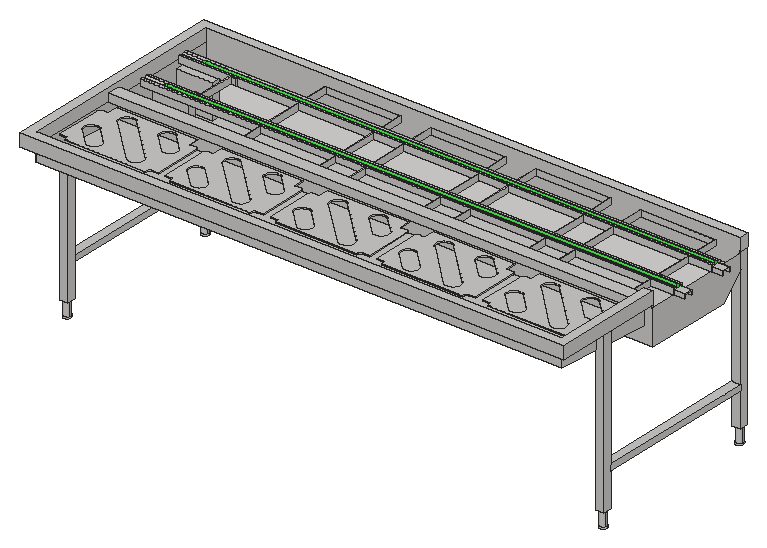
Revit family "QF_ELECTROLUXPROFESSIONAL_865471_HSAS5LR", category Specialty Equipment, Revit 2018
Family settings
  Round Connector Dimension = Use Diameter
  Part Type = Normal
  Work Plane-Based = No
  Always vertical = Yes
  Cut with Voids When Loaded = No
  Shared = No
  Room Calculation Point = No
Parameters (values of type "QF_ELECTROLUX_865471_HSAS5LR")
  Weight = 75.00 kg
  Watts = 0 W
  Volts = 0 V
  URL Manufacturer = "http://professional.electrolux.com"
  URL = "http://professional.electrolux.com"
  Steam Supply Size = 0 mm
  Steam Supply Minimum Pressure = 0.0 Pa
  Steam Supply Maximum Pressure = 0.0 Pa
  Steam Pounds per Hour = 0
  Refrigeration Suction Line Size = 0 mm
  Refrigeration Liquid Line Size = 0 mm
  Refrigerant Compressor Remote = yes
  Manufacturer = "Electrolux"
  Phase = 0
  Model = "HSAS5LR"
  Length Actual = 2640 mm  # constant formula
  Item Number = "865471"
  Hot Water Size = 0 mm
  Height Actual = 910 mm  # constant formula
  HP = "0 HP"
  Gas Size = 0 mm
  Gas KW = 0
  Gas Input Pressure = 0 W
  Description = "AUTOMATIC SORTING TABLE, 5 BASKETS, LEFT>RIGHT, 2640 MM"
  Depth Actual = 1110 mm  # constant formula
  Cycle = 0 Hz
  Condensate Return Size = 0 mm
  Compressed Air Volume = 0.0 L/s
  Compressed Air Size = 0 mm
  Compressed Air Pressure = 0.0 Pa
  Cold Water Size = 0 mm
  Accessory = yes
Reference planes
  plane 1: z = 0
  plane 2 "RIGHT": x = 1320
  plane 3: z = 910
  plane 4: z = 0
  plane 5: z = 270
  plane 6 "BACK": y = 310
  plane 7 "FRONT": y = -810
  plane 8 "LEFT": x = -1320
  plane 9 "Center": y = 0
  plane 10: x = 0
  plane 11: y = 0
  plane 12: y = 94.393
  plane 13: y = 134.393
Forms (mm)
  Extrusion 1, solid, material "QF_Finishes_Stainless Steel"
    sketch origin (0, 0, 0) x (-1, 0, 0) y (0, -1, 0)
      loop
        line (1320, 810) -> (-1320, 810) -> (-1320, 265) -> (-1275, 265) -> (-1275, 764.81) -> (1275, 764.81) -> (1275, -265) -> (-1320, -265) -> (-1320, -310) -> (1320, -310) -> (1320, 810)
    from 850.091 to 910
  Extrusion 2, solid, material "QF_Finishes_Stainless Steel"
    sketch origin (0, 0, 0) x (0, 1, 0) y (0, 0, -1)
      loop
        line (-267.466, -666.943) -> (-267.466, -850.091) -> (-265, -850.091) -> (-265, -669.943) -> (161.279, -669.943) -> (265, -775.136) -> (265, -850.091) -> (266.249, -850.091) -> (266.249, -772.13) -> (162.534, -666.943) -> (-267.466, -666.943)
    from -1317.022 to 1275
  Revolve 3, solid, material "QF_Finishes_Stainless Steel"
    sketch origin (0, 0.526, -194.395) x (-1, 0, 0) y (0, 0, -1)
      loop
        line (76.494, -861.337) -> (76.494, -847.59)
        arc (76.494, -847.59) -> (75.89, -845.987) -> (74.39, -845.16) r 2.474
        arc (74.39, -845.16) -> (71.083, -841.301) -> (74.377, -837.43) r 3.913
        arc (74.377, -837.43) -> (75.887, -836.598) -> (76.494, -834.985) r 2.49
        line (76.494, -834.985) -> (76.494, -794.661)
        arc (76.494, -794.661) -> (65.844, -763.962) -> (38.457, -746.476) r 49.516
        line (38.457, -746.476) -> (38.457, -743.987) -> (37.25, -742.336) -> (37.25, -740.749) -> (23.47, -734.749) -> (23.47, -698.838) -> (21.946, -697.377) -> (0, -697.377) -> (0, -861.337) -> (76.494, -861.337)
      axis (0, -861.337) -> (0, -697.377)
    angle from 0 to 360
  Extrusion 4, solid, material "QF_Finishes_Stainless Steel"
    sketch origin (0, 0, 0) x (-1, 0, 0) y (0, -1, 0)
      loop
        line (-1275, 330.124) -> (-1275, 265) -> (1275, 265) -> (1275, 330.124) -> (-1275, 330.124)
    from 850.091 to 888.506
  Extrusion 5, solid, material "QF_Finishes_Stainless Steel"
    sketch origin (6.015, 0, -632.691) x (-1, 0, 0) y (0, -1, 0)
      loop
        line (1283.015, -266.249) -> (1323.015, -266.249) -> (1323.015, 521.738) -> (1283.015, 521.738) -> (1283.015, -266.249)
    from 872.691 to 902.691
  Extrusion 6, solid, material "QF_Finishes_Stainless Steel"
    sketch origin (1319.022, 0, 0) x (0, 1, 0) y (0, 0, 1)
      loop
        line (162.534, 666.943) -> (266.249, 772.13) -> (266.249, 850.091) -> (265, 850.091) -> (265, 836.936) -> (-267.466, 836.936) -> (-267.466, 666.943) -> (162.534, 666.943)
    from 0 to -2
  Extrusion 7, solid, material "QF_Finishes_Stainless Steel"
    sketch origin (-3.978, 0.054, -628.981) x (1, 0, 0) y (0, 1, 0)
      loop
        line (1283, 266.195) -> (1283, -521.792) -> (1323, -521.792) -> (1323, 266.195) -> (1283, 266.195)
    from 869.081 to 898.981
  Extrusion 8, solid, material "QF_Finishes_Stainless Steel"
    sketch origin (-1277, 0, 0) x (0, 1, 0) y (0, 0, -1)
      loop
        line (162.534, -666.943) -> (-267.466, -666.943) -> (-267.466, -850.091) -> (265, -850.091) -> (266.249, -850.091) -> (266.249, -772.13) -> (162.534, -666.943)
    from 0 to -2
  Extrusion 9, solid, material "QF_Finishes_Stainless Steel"
    sketch origin (1319.022, 0, 0) x (0, 1, 0) y (0, 0, 1)
      loop
        line (94.393, 836.936) -> (94.393, 856.936) -> (134.393, 856.936) -> (134.393, 836.936) -> (136.393, 836.936) -> (136.393, 858.936) -> (92.393, 858.936) -> (92.393, 836.936) -> (94.393, 836.936)
    from -2594.022 to 53.111
  Extrusion 10, solid, material "QF_Finishes_Stainless Steel"
    sketch origin (1319.022, 0, 0) x (0, 1, 0) y (0, 0, 1)
      loop
        line (92.393, 836.936) -> (92.393, 866.936) -> (102.393, 866.936) -> (110.393, 858.936) -> (118.393, 858.936) -> (126.393, 866.936) -> (136.393, 866.936) -> (136.393, 836.936) -> (138.393, 836.936) -> (138.393, 868.936) -> (125.565, 868.936) -> (117.565, 860.936) -> (111.221, 860.936) -> (103.221, 868.936) -> (90.393, 868.936) -> (90.393, 836.936) -> (92.393, 836.936)
    from -2594.022 to 0.978
  Extrusion 11, solid, material "QF_Finishes_Stainless Steel"
    sketch origin (1319.022, -230, 0) x (0, 1, 0) y (0, 0, 1)
      loop
        line (94.393, 836.936) -> (94.393, 856.936) -> (134.393, 856.936) -> (134.393, 836.936) -> (136.393, 836.936) -> (136.393, 858.936) -> (92.393, 858.936) -> (92.393, 836.936) -> (94.393, 836.936)
    from -2594.022 to 53.111
  Extrusion 12, solid, material "QF_Finishes_Stainless Steel"
    sketch origin (1319.022, -230, 0) x (0, 1, 0) y (0, 0, 1)
      loop
        line (92.393, 836.936) -> (92.393, 866.936) -> (102.393, 866.936) -> (110.393, 858.936) -> (118.393, 858.936) -> (126.393, 866.936) -> (136.393, 866.936) -> (136.393, 836.936) -> (138.393, 836.936) -> (138.393, 868.936) -> (125.565, 868.936) -> (117.565, 860.936) -> (111.221, 860.936) -> (103.221, 868.936) -> (90.393, 868.936) -> (90.393, 836.936) -> (92.393, 836.936)
    from -2594.022 to 0.978
  Sweep 13, solid, material "QF_Finishes_Green"
    path origin (299.022, -109.42, 875.352) x (0, 0.0016, 0.999999) y (-1, 0, 0)
      loop
        line (-6.295, -1020.978) -> (-6.295, 1449.022)
        arc (-6.295, 1449.022) -> (-15.081, 1470.236) -> (-36.295, 1479.022) r 30
        line (-36.295, 1479.022) -> (-41.295, 1479.022)
    profile origin (85, -109.431, 869.057) x (0, -0.0016, -0.999999) y (0, -0.999999, 0.0016)
      loop
        circle (1.513, 6.483) r 6.399
  Sweep 14, solid, material "QF_Finishes_Green"
    path origin (299.022, 120.58, 875.352) x (0, 0.0016, 0.999999) y (-1, 0, 0)
      loop
        line (-6.295, -1020.978) -> (-6.295, 1449.022)
        arc (-6.295, 1449.022) -> (-15.081, 1470.236) -> (-36.295, 1479.022) r 30
        line (-36.295, 1479.022) -> (-41.295, 1479.022)
    profile origin (85, 120.569, 869.057) x (0, -0.0016, -0.999999) y (0, -0.999999, 0.0016)
      loop
        circle (1.513, 6.483) r 6.399
  Extrusion 15, solid, material "QF_Finishes_Stainless Steel"
    sketch origin (0, 0, 0) x (1, 0, 0) y (0, 1, 0)
      loop
        line (-662.58, -265) -> (-662.58, -262) -> (-691.789, -262) -> (-691.789, 262) -> (-330.015, 262) -> (-330.015, -262) -> (-359.388, -262) -> (-359.388, -265) -> (-327.015, -265) -> (-327.015, 265) -> (-694.789, 265) -> (-694.789, -265) -> (-662.58, -265)
    from 831.234 to 860.936
  Extrusion 16, solid, material "QF_Finishes_Stainless Steel"
    sketch origin (510, 0, 0) x (1, 0, 0) y (0, 1, 0)
      loop
        line (-662.58, -265) -> (-662.58, -262) -> (-691.789, -262) -> (-691.789, 262) -> (-330.015, 262) -> (-330.015, -262) -> (-359.388, -262) -> (-359.388, -265) -> (-327.015, -265) -> (-327.015, 265) -> (-694.789, 265) -> (-694.789, -265) -> (-662.58, -265)
    from 831.234 to 860.936
  Extrusion 17, solid, material "QF_Finishes_Stainless Steel"
    sketch origin (0, 0, 0) x (1, 0, 0) y (0, 1, 0)
      loop
        line (-1247.085, 53.571) -> (-1072.085, 53.571) -> (-1072.085, 90.393) -> (-1247.085, 90.393) -> (-1247.085, 53.571)
    from 669.943 to 836.936
  Extrusion 18, solid, material "QF_Finishes_Stainless Steel"
    sketch origin (0, -145.178, 0) x (1, 0, 0) y (0, 1, 0)
      loop
        line (-1247.085, 53.571) -> (-1072.085, 53.571) -> (-1072.085, 90.393) -> (-1247.085, 90.393) -> (-1247.085, 53.571)
    from 669.943 to 836.936
  Extrusion 19, solid, material "QF_Finishes_Stainless Steel"
    sketch origin (0, 0, 0) x (1, 0, 0) y (0, 1, 0)
      loop
        line (-1047.085, -91.607) -> (-1015.387, -91.607) -> (-1015.387, 87.393) -> (-987.085, 87.393) -> (-987.085, 90.393) -> (-1018.387, 90.393) -> (-1018.387, -88.607) -> (-1047.085, -88.607) -> (-1047.085, -91.607)
    from 836.936 to 868.936
  Extrusion 20, solid, material "QF_Finishes_Stainless Steel"
    sketch origin (1319.022, 0, 0) x (0, 1, 0) y (0, 0, 1)
      loop
        line (-767.81, 850.091) -> (-767.81, 782.048) -> (-267.466, 747.061) -> (-267.466, 850.091) -> (-270.466, 850.091) -> (-270.466, 750.278) -> (-764.81, 784.846) -> (-764.81, 850.091) -> (-767.81, 850.091)
    from -2594.022 to -42
  Extrusion 21, solid, material "QF_Finishes_Stainless Steel"
    sketch origin (1319.022, 0, 0) x (0, 1, 0) y (0, 0, 1)
      loop
        line (-767.81, 850.091) -> (-767.81, 782.048) -> (-267.466, 747.061) -> (-267.466, 850.091) -> (-767.81, 850.091)
    from -40 to -42
  Extrusion 22, solid, material "QF_Finishes_Stainless Steel"
    sketch origin (-1319.022, 0, 0) x (0, 1, 0) y (0, 0, -1)
      loop
        line (-767.81, -850.091) -> (-267.466, -850.091) -> (-267.466, -747.061) -> (-767.81, -782.048) -> (-767.81, -850.091)
    from -42.022 to -44.022
  Extrusion 23, solid, material "QF_Finishes_Stainless Steel"
    sketch origin (-7.5, 0, 842.5) x (1, 0, 0) y (0, 1, 0)
      loop
        line (-1220.383, -339.221) -> (-1220.383, -389.221) -> (-1240.383, -389.221)
        arc (-1240.383, -389.221) -> (-1254.525, -395.078) -> (-1260.383, -409.221) r 20
        line (-1260.383, -409.221) -> (-1260.383, -634.221) -> (-1230.383, -634.221)
        arc (-1230.383, -634.221) -> (-1223.312, -637.149) -> (-1220.383, -644.221) r 10
        line (-1220.383, -644.221) -> (-1220.383, -654.221) -> (-825.383, -654.221) -> (-825.383, -649.221)
        arc (-825.383, -649.221) -> (-820.989, -638.614) -> (-810.383, -634.221) r 15
        line (-810.383, -634.221) -> (-780.383, -634.221) -> (-780.383, -404.221)
        arc (-780.383, -404.221) -> (-784.776, -393.614) -> (-795.383, -389.221) r 15
        line (-795.383, -389.221) -> (-825.383, -389.221) -> (-825.383, -339.221) -> (-1220.383, -339.221)
      loop
        line (-1214.7, -558.44) -> (-1138.92, -634.221)
        arc (-1138.92, -634.221) -> (-1092.336, -627.771) -> (-1085.887, -581.188) r 38.966
        line (-1085.887, -581.188) -> (-1161.667, -505.407)
        arc (-1161.667, -505.407) -> (-1214.7, -505.407) -> (-1214.7, -558.44) r 37.5
      loop
        line (-1146.92, -425.368) -> (-943.092, -629.196)
        arc (-943.092, -629.196) -> (-895.135, -629.379) -> (-883.322, -582.9) r 38.966
        line (-883.322, -582.9) -> (-1093.887, -372.335)
        arc (-1093.887, -372.335) -> (-1146.92, -372.335) -> (-1146.92, -425.368) r 37.5
      loop
        line (-956.718, -418.538) -> (-880.938, -494.319)
        arc (-880.938, -494.319) -> (-834.354, -487.869) -> (-827.905, -441.286) r 38.966
        line (-827.905, -441.286) -> (-903.685, -365.505)
        arc (-903.685, -365.505) -> (-956.718, -365.505) -> (-956.718, -418.538) r 37.5
    from 0 to 3
  Extrusion 24, solid, material "QF_Finishes_Stainless Steel"
    sketch origin (502.5, 0, 842.5) x (1, 0, 0) y (0, 1, 0)
      loop
        line (-1220.383, -339.221) -> (-1220.383, -389.221) -> (-1240.383, -389.221)
        arc (-1240.383, -389.221) -> (-1254.525, -395.078) -> (-1260.383, -409.221) r 20
        line (-1260.383, -409.221) -> (-1260.383, -634.221) -> (-1230.383, -634.221)
        arc (-1230.383, -634.221) -> (-1223.312, -637.149) -> (-1220.383, -644.221) r 10
        line (-1220.383, -644.221) -> (-1220.383, -654.221) -> (-825.383, -654.221) -> (-825.383, -649.221)
        arc (-825.383, -649.221) -> (-820.989, -638.614) -> (-810.383, -634.221) r 15
        line (-810.383, -634.221) -> (-780.383, -634.221) -> (-780.383, -404.221)
        arc (-780.383, -404.221) -> (-784.776, -393.614) -> (-795.383, -389.221) r 15
        line (-795.383, -389.221) -> (-825.383, -389.221) -> (-825.383, -339.221) -> (-1220.383, -339.221)
      loop
        line (-1214.7, -558.44) -> (-1138.92, -634.221)
        arc (-1138.92, -634.221) -> (-1092.336, -627.771) -> (-1085.887, -581.188) r 38.966
        line (-1085.887, -581.188) -> (-1161.667, -505.407)
        arc (-1161.667, -505.407) -> (-1214.7, -505.407) -> (-1214.7, -558.44) r 37.5
      loop
        line (-1146.92, -425.368) -> (-943.092, -629.196)
        arc (-943.092, -629.196) -> (-895.135, -629.379) -> (-883.322, -582.9) r 38.966
        line (-883.322, -582.9) -> (-1093.887, -372.335)
        arc (-1093.887, -372.335) -> (-1146.92, -372.335) -> (-1146.92, -425.368) r 37.5
      loop
        line (-956.718, -418.538) -> (-880.938, -494.319)
        arc (-880.938, -494.319) -> (-834.354, -487.869) -> (-827.905, -441.286) r 38.966
        line (-827.905, -441.286) -> (-903.685, -365.505)
        arc (-903.685, -365.505) -> (-956.718, -365.505) -> (-956.718, -418.538) r 37.5
    from 0 to 3
  Extrusion 25, solid, material "QF_Finishes_Stainless Steel"
    sketch origin (1017.5, 0, 842.5) x (1, 0, 0) y (0, 1, 0)
      loop
        line (-1220.383, -339.221) -> (-1220.383, -389.221) -> (-1240.383, -389.221)
        arc (-1240.383, -389.221) -> (-1254.525, -395.078) -> (-1260.383, -409.221) r 20
        line (-1260.383, -409.221) -> (-1260.383, -634.221) -> (-1230.383, -634.221)
        arc (-1230.383, -634.221) -> (-1223.312, -637.149) -> (-1220.383, -644.221) r 10
        line (-1220.383, -644.221) -> (-1220.383, -654.221) -> (-825.383, -654.221) -> (-825.383, -649.221)
        arc (-825.383, -649.221) -> (-820.989, -638.614) -> (-810.383, -634.221) r 15
        line (-810.383, -634.221) -> (-780.383, -634.221) -> (-780.383, -404.221)
        arc (-780.383, -404.221) -> (-784.776, -393.614) -> (-795.383, -389.221) r 15
        line (-795.383, -389.221) -> (-825.383, -389.221) -> (-825.383, -339.221) -> (-1220.383, -339.221)
      loop
        line (-1214.7, -558.44) -> (-1138.92, -634.221)
        arc (-1138.92, -634.221) -> (-1092.336, -627.771) -> (-1085.887, -581.188) r 38.966
        line (-1085.887, -581.188) -> (-1161.667, -505.407)
        arc (-1161.667, -505.407) -> (-1214.7, -505.407) -> (-1214.7, -558.44) r 37.5
      loop
        line (-1146.92, -425.368) -> (-943.092, -629.196)
        arc (-943.092, -629.196) -> (-895.135, -629.379) -> (-883.322, -582.9) r 38.966
        line (-883.322, -582.9) -> (-1093.887, -372.335)
        arc (-1093.887, -372.335) -> (-1146.92, -372.335) -> (-1146.92, -425.368) r 37.5
      loop
        line (-956.718, -418.538) -> (-880.938, -494.319)
        arc (-880.938, -494.319) -> (-834.354, -487.869) -> (-827.905, -441.286) r 38.966
        line (-827.905, -441.286) -> (-903.685, -365.505)
        arc (-903.685, -365.505) -> (-956.718, -365.505) -> (-956.718, -418.538) r 37.5
    from 0 to 3
  Extrusion 26, solid, material "QF_Finishes_Stainless Steel"
    sketch origin (1020, 0, 0) x (1, 0, 0) y (0, 1, 0)
      loop
        line (-662.58, -265) -> (-662.58, -262) -> (-691.789, -262) -> (-691.789, 262) -> (-330.015, 262) -> (-330.015, -262) -> (-359.388, -262) -> (-359.388, -265) -> (-327.015, -265) -> (-327.015, 265) -> (-694.789, 265) -> (-694.789, -265) -> (-662.58, -265)
    from 831.234 to 860.936
  Extrusion 27, solid, material "QF_Finishes_Stainless Steel"
    sketch origin (1532.5, 0, 842.5) x (1, 0, 0) y (0, 1, 0)
      loop
        line (-1220.383, -339.221) -> (-1220.383, -389.221) -> (-1240.383, -389.221)
        arc (-1240.383, -389.221) -> (-1254.525, -395.078) -> (-1260.383, -409.221) r 20
        line (-1260.383, -409.221) -> (-1260.383, -634.221) -> (-1230.383, -634.221)
        arc (-1230.383, -634.221) -> (-1223.312, -637.149) -> (-1220.383, -644.221) r 10
        line (-1220.383, -644.221) -> (-1220.383, -654.221) -> (-825.383, -654.221) -> (-825.383, -649.221)
        arc (-825.383, -649.221) -> (-820.989, -638.614) -> (-810.383, -634.221) r 15
        line (-810.383, -634.221) -> (-780.383, -634.221) -> (-780.383, -404.221)
        arc (-780.383, -404.221) -> (-784.776, -393.614) -> (-795.383, -389.221) r 15
        line (-795.383, -389.221) -> (-825.383, -389.221) -> (-825.383, -339.221) -> (-1220.383, -339.221)
      loop
        line (-1214.7, -558.44) -> (-1138.92, -634.221)
        arc (-1138.92, -634.221) -> (-1092.336, -627.771) -> (-1085.887, -581.188) r 38.966
        line (-1085.887, -581.188) -> (-1161.667, -505.407)
        arc (-1161.667, -505.407) -> (-1214.7, -505.407) -> (-1214.7, -558.44) r 37.5
      loop
        line (-1146.92, -425.368) -> (-943.092, -629.196)
        arc (-943.092, -629.196) -> (-895.135, -629.379) -> (-883.322, -582.9) r 38.966
        line (-883.322, -582.9) -> (-1093.887, -372.335)
        arc (-1093.887, -372.335) -> (-1146.92, -372.335) -> (-1146.92, -425.368) r 37.5
      loop
        line (-956.718, -418.538) -> (-880.938, -494.319)
        arc (-880.938, -494.319) -> (-834.354, -487.869) -> (-827.905, -441.286) r 38.966
        line (-827.905, -441.286) -> (-903.685, -365.505)
        arc (-903.685, -365.505) -> (-956.718, -365.505) -> (-956.718, -418.538) r 37.5
    from 0 to 3
  Extrusion 28, solid, material "QF_Finishes_Stainless Steel"
    sketch origin (2047.5, 0, 842.5) x (1, 0, 0) y (0, 1, 0)
      loop
        line (-1220.383, -339.221) -> (-1220.383, -389.221) -> (-1240.383, -389.221)
        arc (-1240.383, -389.221) -> (-1254.525, -395.078) -> (-1260.383, -409.221) r 20
        line (-1260.383, -409.221) -> (-1260.383, -634.221) -> (-1230.383, -634.221)
        arc (-1230.383, -634.221) -> (-1223.312, -637.149) -> (-1220.383, -644.221) r 10
        line (-1220.383, -644.221) -> (-1220.383, -654.221) -> (-825.383, -654.221) -> (-825.383, -649.221)
        arc (-825.383, -649.221) -> (-820.989, -638.614) -> (-810.383, -634.221) r 15
        line (-810.383, -634.221) -> (-780.383, -634.221) -> (-780.383, -404.221)
        arc (-780.383, -404.221) -> (-784.776, -393.614) -> (-795.383, -389.221) r 15
        line (-795.383, -389.221) -> (-825.383, -389.221) -> (-825.383, -339.221) -> (-1220.383, -339.221)
      loop
        line (-1214.7, -558.44) -> (-1138.92, -634.221)
        arc (-1138.92, -634.221) -> (-1092.336, -627.771) -> (-1085.887, -581.188) r 38.966
        line (-1085.887, -581.188) -> (-1161.667, -505.407)
        arc (-1161.667, -505.407) -> (-1214.7, -505.407) -> (-1214.7, -558.44) r 37.5
      loop
        line (-1146.92, -425.368) -> (-943.092, -629.196)
        arc (-943.092, -629.196) -> (-895.135, -629.379) -> (-883.322, -582.9) r 38.966
        line (-883.322, -582.9) -> (-1093.887, -372.335)
        arc (-1093.887, -372.335) -> (-1146.92, -372.335) -> (-1146.92, -425.368) r 37.5
      loop
        line (-956.718, -418.538) -> (-880.938, -494.319)
        arc (-880.938, -494.319) -> (-834.354, -487.869) -> (-827.905, -441.286) r 38.966
        line (-827.905, -441.286) -> (-903.685, -365.505)
        arc (-903.685, -365.505) -> (-956.718, -365.505) -> (-956.718, -418.538) r 37.5
    from 0 to 3
  Extrusion 29, solid, material "QF_Finishes_Stainless Steel"
    sketch origin (1530, 0, 0) x (1, 0, 0) y (0, 1, 0)
      loop
        line (-662.58, -265) -> (-662.58, -262) -> (-691.789, -262) -> (-691.789, 262) -> (-330.015, 262) -> (-330.015, -262) -> (-359.388, -262) -> (-359.388, -265) -> (-327.015, -265) -> (-327.015, 265) -> (-694.789, 265) -> (-694.789, -265) -> (-662.58, -265)
    from 831.234 to 860.936
Cuts and joins
  joined: Extrusion 1, Extrusion 2, Revolve 3, Extrusion 4, Extrusion 6
  joined: Extrusion 10, Extrusion 12, Extrusion 15, Extrusion 16, Extrusion 26
Lines and regions (mm)
  Split face 1
    outline origin (-765, -265, 669.943) x (1, 0, 0) y (0, 1, 0)
      loop
        circle (765, 265) r 76.496
  Split face 2
    outline origin (-765, -265, 669.943) x (1, 0, 0) y (0, 1, 0)
      loop
        circle (765, 265) r 56.496
  Split face 3
    outline origin (-765, -265, 669.943) x (1, 0, 0) y (0, 1, 0)
      loop
        circle (765, 265) r 36.496
  Split face 4
    outline origin (-765, -265, 669.943) x (1, 0, 0) y (0, 1, 0)
      loop
        circle (765, 265) r 16.496
  symbolic lines
    curve 1: line (-1320, 310, 0) -> (1320, 310, 0)
    curve 2: line (-1320, -810, 0) -> (-1320, 310, 0)
    curve 3: line (1320, -810, 0) -> (-1320, -810, 0)
    curve 4: line (1320, 310, 0) -> (1320, -810, 0)
    curve 5: line (-1275, 265, 0) -> (1320, 265, 0)
    curve 6: line (-1275, -765, 0) -> (-1275, 265, 0)
    curve 7: line (1275, -765, 0) -> (-1275, -765, 0)
    curve 8: line (-1275, -265, 0) -> (1320, -265, 0)
    curve 9: line (1275, -330.124, 0) -> (-1275, -330.124, 0)
    curve 10: line (1275, -765, 0) -> (1275, -330.124, 0)
    curve 11: line (1320, 0, 0) -> (1290, 0, 0)
    curve 12: arc (76.496, 0, 0) -> (0, -76.496, 0) -> (-76.496, 0, 0) r 76.496
    curve 13: arc (-76.496, 0, 0) -> (0, 76.496, 0) -> (76.496, 0, 0) r 76.496
    curve 14: arc (-16.496, 0, 0) -> (0, -16.496, 0) -> (16.496, 0, 0) r 16.496
    curve 15: arc (16.496, 0, 0) -> (0, 16.496, 0) -> (-16.496, 0, 0) r 16.496
    curve 16: line (1320, 138.393, 0) -> (-1275, 138.393, 0)
    curve 17: line (-1275, 90.393, 0) -> (1320, 90.393, 0)
    curve 18: line (1320, -91.607, 0) -> (-1275, -91.607, 0)
    curve 19: line (-1275, -139.607, 0) -> (1320, -139.607, 0)
    curve 20: line (-1275, 125.565, 0) -> (1320, 125.565, 0)
    curve 21: line (-1275, 103.221, 0) -> (1320, 103.221, 0)
    curve 22: line (-1275, -104.435, 0) -> (1320, -104.435, 0)
    curve 23: line (-1275, -126.779, 0) -> (1320, -126.779, 0)
    curve 24: line (-694.789, 265, 0) -> (-694.789, 138.393, 0)
    curve 25: line (-694.789, 90.393, 0) -> (-694.789, -91.607, 0)
    curve 26: line (-694.789, -139.607, 0) -> (-694.789, -265, 0)
    curve 27: line (-662.58, -265, 0) -> (-662.58, -262, 0)
    curve 28: line (-662.58, -262, 0) -> (-691.789, -262, 0)
    curve 29: line (-691.789, -262, 0) -> (-691.789, -139.607, 0)
    curve 30: line (-691.789, -91.607, 0) -> (-691.789, 90.393, 0)
    curve 31: line (-691.789, 138.393, 0) -> (-691.789, 262, 0)
    curve 32: line (-691.789, 262, 0) -> (-330.015, 262, 0)
    curve 33: line (-330.015, 262, 0) -> (-330.015, 138.393, 0)
    curve 34: line (-330.015, 90.393, 0) -> (-330.015, -91.607, 0)
    curve 35: line (-330.015, -139.607, 0) -> (-330.015, -262, 0)
    curve 36: line (-330.015, -262, 0) -> (-359.388, -262, 0)
    curve 37: line (-359.388, -262, 0) -> (-359.388, -265, 0)
    curve 38: line (-327.015, -265, 0) -> (-327.015, -139.607, 0)
    curve 39: line (-327.015, 90.393, 0) -> (-327.015, -91.607, 0)
    curve 40: line (-327.015, 265, 0) -> (-327.015, 138.393, 0)
    curve 41: line (-184.789, 265, 0) -> (-184.789, 138.393, 0)
    curve 42: line (-184.789, 90.393, 0) -> (-184.789, -91.607, 0)
    curve 43: line (-184.789, -139.607, 0) -> (-184.789, -265, 0)
    curve 44: line (-152.58, -265, 0) -> (-152.58, -262, 0)
    curve 45: line (-152.58, -262, 0) -> (-181.789, -262, 0)
    curve 46: line (-181.789, -262, 0) -> (-181.789, -139.607, 0)
    curve 47: line (-181.789, -91.607, 0) -> (-181.789, 90.393, 0)
    curve 48: line (-181.789, 138.393, 0) -> (-181.789, 262, 0)
    curve 49: line (-181.789, 262, 0) -> (179.985, 262, 0)
    curve 50: line (179.985, 262, 0) -> (179.985, 138.393, 0)
    curve 51: line (179.985, 90.393, 0) -> (179.985, -91.607, 0)
    curve 52: line (179.985, -139.607, 0) -> (179.985, -262, 0)
    curve 53: line (179.985, -262, 0) -> (150.612, -262, 0)
    curve 54: line (150.612, -262, 0) -> (150.612, -265, 0)
    curve 55: line (182.985, -265, 0) -> (182.985, -139.607, 0)
    curve 56: line (182.985, 90.393, 0) -> (182.985, -91.607, 0)
    curve 57: line (182.985, 265, 0) -> (182.985, 138.393, 0)
    curve 58: line (-1247.085, 90.393, 0) -> (-1247.085, 53.571, 0)
    curve 59: line (-1247.085, 53.571, 0) -> (-1072.085, 53.571, 0)
    curve 60: line (-1072.085, 53.571, 0) -> (-1072.085, 90.393, 0)
    curve 61: line (-1247.085, -91.607, 0) -> (-1247.085, -54.785, 0)
    curve 62: line (-1247.085, -54.785, 0) -> (-1072.085, -54.785, 0)
    curve 63: line (-1072.085, -54.785, 0) -> (-1072.085, -91.607, 0)
    curve 64: line (-1047.085, -91.607, 0) -> (-1047.085, -88.607, 0)
    curve 65: line (-1047.085, -88.607, 0) -> (-1018.387, -88.607, 0)
    curve 66: line (-1018.387, -88.607, 0) -> (-1018.387, 90.393, 0)
    curve 67: line (-987.085, 90.393, 0) -> (-987.085, 87.393, 0)
    curve 68: line (-987.085, 87.393, 0) -> (-1015.387, 87.393, 0)
    curve 69: line (-1015.387, 87.393, 0) -> (-1015.387, -91.607, 0)
    curve 70: line (-1227.883, -654.221, 0) -> (-832.883, -654.221, 0)
    curve 71: line (-832.883, -654.221, 0) -> (-832.883, -649.221, 0)
    curve 72: arc (-832.883, -649.221, 0) -> (-828.489, -638.614, 0) -> (-817.883, -634.221, 0) r 15
    curve 73: line (-817.883, -634.221, 0) -> (-787.883, -634.221, 0)
    curve 74: line (-787.883, -634.221, 0) -> (-787.883, -404.221, 0)
    curve 75: arc (-787.883, -404.221, 0) -> (-792.276, -393.614, 0) -> (-802.883, -389.221, 0) r 15
    curve 76: line (-802.883, -389.221, 0) -> (-832.883, -389.221, 0)
    curve 77: line (-832.883, -389.221, 0) -> (-832.883, -339.221, 0)
    curve 78: line (-832.883, -339.221, 0) -> (-1227.883, -339.221, 0)
    curve 79: line (-1227.883, -339.221, 0) -> (-1227.883, -389.221, 0)
    curve 80: line (-1227.883, -389.221, 0) -> (-1247.883, -389.221, 0)
    curve 81: arc (-1247.883, -389.221, 0) -> (-1262.025, -395.078, 0) -> (-1267.883, -409.221, 0) r 20
    curve 82: line (-1267.883, -409.221, 0) -> (-1267.883, -634.221, 0)
    curve 83: line (-1267.883, -634.221, 0) -> (-1237.883, -634.221, 0)
    curve 84: arc (-1237.883, -634.221, 0) -> (-1230.812, -637.149, 0) -> (-1227.883, -644.221, 0) r 10
    curve 85: line (-1227.883, -644.221, 0) -> (-1227.883, -654.221, 0)
    curve 86: line (-1146.42, -634.221, 0) -> (-1222.2, -558.44, 0)
    curve 87: arc (-1222.2, -558.44, 0) -> (-1222.2, -505.407, 0) -> (-1169.167, -505.407, 0) r 37.5
    curve 88: line (-1169.167, -505.407, 0) -> (-1093.387, -581.188, 0)
    curve 89: arc (-1093.387, -581.188, 0) -> (-1099.836, -627.771, 0) -> (-1146.42, -634.221, 0) r 38.966
    curve 90: line (-950.592, -629.196, 0) -> (-1154.42, -425.368, 0)
    curve 91: arc (-1154.42, -425.368, 0) -> (-1154.42, -372.335, 0) -> (-1101.387, -372.335, 0) r 37.5
    curve 92: line (-1101.387, -372.335, 0) -> (-890.822, -582.9, 0)
    curve 93: arc (-890.822, -582.9, 0) -> (-902.635, -629.379, 0) -> (-950.592, -629.196, 0) r 38.966
    curve 94: line (-888.438, -494.319, 0) -> (-964.218, -418.538, 0)
    curve 95: arc (-964.218, -418.538, 0) -> (-964.218, -365.505, 0) -> (-911.185, -365.505, 0) r 37.5
    curve 96: line (-911.185, -365.505, 0) -> (-835.405, -441.286, 0)
    curve 97: arc (-835.405, -441.286, 0) -> (-841.854, -487.869, 0) -> (-888.438, -494.319, 0) r 38.966
    curve 98: line (-757.883, -409.221, 0) -> (-757.883, -634.221, 0)
    curve 99: line (-757.883, -634.221, 0) -> (-727.883, -634.221, 0)
    curve 100: arc (-727.883, -634.221, 0) -> (-720.812, -637.149, 0) -> (-717.883, -644.221, 0) r 10
    curve 101: line (-717.883, -644.221, 0) -> (-717.883, -654.221, 0)
    curve 102: line (-717.883, -654.221, 0) -> (-322.883, -654.221, 0)
    curve 103: line (-322.883, -654.221, 0) -> (-322.883, -649.221, 0)
    curve 104: arc (-322.883, -649.221, 0) -> (-318.489, -638.614, 0) -> (-307.883, -634.221, 0) r 15
    curve 105: line (-307.883, -634.221, 0) -> (-277.883, -634.221, 0)
    curve 106: line (-277.883, -634.221, 0) -> (-277.883, -404.221, 0)
    curve 107: arc (-277.883, -404.221, 0) -> (-282.276, -393.614, 0) -> (-292.883, -389.221, 0) r 15
    curve 108: line (-292.883, -389.221, 0) -> (-322.883, -389.221, 0)
    curve 109: line (-322.883, -389.221, 0) -> (-322.883, -339.221, 0)
    curve 110: line (-322.883, -339.221, 0) -> (-717.883, -339.221, 0)
    curve 111: line (-717.883, -339.221, 0) -> (-717.883, -389.221, 0)
    curve 112: line (-717.883, -389.221, 0) -> (-737.883, -389.221, 0)
    curve 113: arc (-737.883, -389.221, 0) -> (-752.025, -395.078, 0) -> (-757.883, -409.221, 0) r 20
    curve 114: line (-659.167, -505.407, 0) -> (-583.387, -581.188, 0)
    curve 115: arc (-583.387, -581.188, 0) -> (-589.836, -627.771, 0) -> (-636.42, -634.221, 0) r 38.966
    curve 116: line (-636.42, -634.221, 0) -> (-712.2, -558.44, 0)
    curve 117: arc (-712.2, -558.44, 0) -> (-712.2, -505.407, 0) -> (-659.167, -505.407, 0) r 37.5
    curve 118: line (-440.592, -629.196, 0) -> (-644.42, -425.368, 0)
    curve 119: arc (-644.42, -425.368, 0) -> (-644.42, -372.335, 0) -> (-591.387, -372.335, 0) r 37.5
    curve 120: line (-591.387, -372.335, 0) -> (-380.822, -582.9, 0)
    curve 121: arc (-380.822, -582.9, 0) -> (-392.635, -629.379, 0) -> (-440.592, -629.196, 0) r 38.966
    curve 122: line (-378.438, -494.319, 0) -> (-454.218, -418.538, 0)
    curve 123: arc (-454.218, -418.538, 0) -> (-454.218, -365.505, 0) -> (-401.185, -365.505, 0) r 37.5
    curve 124: line (-401.185, -365.505, 0) -> (-325.405, -441.286, 0)
    curve 125: arc (-325.405, -441.286, 0) -> (-331.854, -487.869, 0) -> (-378.438, -494.319, 0) r 38.966
    curve 126: line (-242.883, -409.221, 0) -> (-242.883, -634.221, 0)
    curve 127: line (-242.883, -634.221, 0) -> (-212.883, -634.221, 0)
    curve 128: arc (-212.883, -634.221, 0) -> (-205.812, -637.149, 0) -> (-202.883, -644.221, 0) r 10
    curve 129: line (-202.883, -644.221, 0) -> (-202.883, -654.221, 0)
    curve 130: line (-202.883, -654.221, 0) -> (192.117, -654.221, 0)
    curve 131: line (192.117, -654.221, 0) -> (192.117, -649.221, 0)
    curve 132: arc (192.117, -649.221, 0) -> (196.511, -638.614, 0) -> (207.117, -634.221, 0) r 15
    curve 133: line (207.117, -634.221, 0) -> (237.117, -634.221, 0)
    curve 134: line (237.117, -634.221, 0) -> (237.117, -404.221, 0)
    curve 135: arc (237.117, -404.221, 0) -> (232.724, -393.614, 0) -> (222.117, -389.221, 0) r 15
    curve 136: line (222.117, -389.221, 0) -> (192.117, -389.221, 0)
    curve 137: line (192.117, -389.221, 0) -> (192.117, -339.221, 0)
    curve 138: line (192.117, -339.221, 0) -> (-202.883, -339.221, 0)
    curve 139: line (-202.883, -339.221, 0) -> (-202.883, -389.221, 0)
    curve 140: line (-202.883, -389.221, 0) -> (-222.883, -389.221, 0)
    curve 141: arc (-222.883, -389.221, 0) -> (-237.025, -395.078, 0) -> (-242.883, -409.221, 0) r 20
    curve 142: line (-144.167, -505.407, 0) -> (-68.387, -581.188, 0)
    curve 143: arc (-68.387, -581.188, 0) -> (-74.836, -627.771, 0) -> (-121.42, -634.221, 0) r 38.966
    curve 144: line (-121.42, -634.221, 0) -> (-197.2, -558.44, 0)
    curve 145: arc (-197.2, -558.44, 0) -> (-197.2, -505.407, 0) -> (-144.167, -505.407, 0) r 37.5
    curve 146: line (74.408, -629.196, 0) -> (-129.42, -425.368, 0)
    curve 147: arc (-129.42, -425.368, 0) -> (-129.42, -372.335, 0) -> (-76.387, -372.335, 0) r 37.5
    curve 148: line (-76.387, -372.335, 0) -> (134.178, -582.9, 0)
    curve 149: arc (134.178, -582.9, 0) -> (122.365, -629.379, 0) -> (74.408, -629.196, 0) r 38.966
    curve 150: line (136.562, -494.319, 0) -> (60.782, -418.538, 0)
    curve 151: arc (60.782, -418.538, 0) -> (60.782, -365.505, 0) -> (113.815, -365.505, 0) r 37.5
    curve 152: line (113.815, -365.505, 0) -> (189.595, -441.286, 0)
    curve 153: arc (189.595, -441.286, 0) -> (183.146, -487.869, 0) -> (136.562, -494.319, 0) r 38.966
    curve 154: line (1320, 136.393, 0) -> (1372.133, 136.393, 0)
    curve 155: line (1372.133, 136.393, 0) -> (1372.133, 92.393, 0)
    curve 156: line (1372.133, 92.393, 0) -> (1320, 92.393, 0)
    curve 157: line (1320, -93.607, 0) -> (1372.133, -93.607, 0)
    curve 158: line (1372.133, -93.607, 0) -> (1372.133, -137.607, 0)
    curve 159: line (1372.133, -137.607, 0) -> (1320, -137.607, 0)
    curve 160: line (1320, 107.675, 0) -> (-1165, 107.675, 0)
    curve 161: line (-1165, 120.486, 0) -> (1320, 120.486, 0)
    curve 162: arc (-1165, 107.675, 0) -> (-1171.406, 114.08, 0) -> (-1165, 120.486, 0) r 6.406
    curve 163: line (1320, -122.328, 0) -> (-1165, -122.328, 0)
    curve 164: line (-1165, -109.516, 0) -> (1320, -109.516, 0)
    curve 165: arc (-1165, -122.328, 0) -> (-1171.406, -115.922, 0) -> (-1165, -109.516, 0) r 6.406
    curve 166: line (272.117, -409.221, 0) -> (272.117, -634.221, 0)
    curve 167: line (272.117, -634.221, 0) -> (302.117, -634.221, 0)
    curve 168: arc (302.117, -634.221, 0) -> (309.188, -637.149, 0) -> (312.117, -644.221, 0) r 10
    curve 169: line (312.117, -644.221, 0) -> (312.117, -654.221, 0)
    curve 170: line (312.117, -654.221, 0) -> (707.117, -654.221, 0)
    curve 171: line (707.117, -654.221, 0) -> (707.117, -649.221, 0)
    curve 172: arc (707.117, -649.221, 0) -> (711.511, -638.614, 0) -> (722.117, -634.221, 0) r 15
    curve 173: line (722.117, -634.221, 0) -> (752.117, -634.221, 0)
    curve 174: line (752.117, -634.221, 0) -> (752.117, -404.221, 0)
    curve 175: arc (752.117, -404.221, 0) -> (747.724, -393.614, 0) -> (737.117, -389.221, 0) r 15
    curve 176: line (737.117, -389.221, 0) -> (707.117, -389.221, 0)
    curve 177: line (707.117, -389.221, 0) -> (707.117, -339.221, 0)
    curve 178: line (707.117, -339.221, 0) -> (312.117, -339.221, 0)
    curve 179: line (312.117, -339.221, 0) -> (312.117, -389.221, 0)
    curve 180: line (312.117, -389.221, 0) -> (292.117, -389.221, 0)
    curve 181: arc (292.117, -389.221, 0) -> (277.975, -395.078, 0) -> (272.117, -409.221, 0) r 20
    curve 182: line (370.833, -505.407, 0) -> (446.613, -581.188, 0)
    curve 183: arc (446.613, -581.188, 0) -> (440.164, -627.771, 0) -> (393.58, -634.221, 0) r 38.966
    curve 184: line (393.58, -634.221, 0) -> (317.8, -558.44, 0)
    curve 185: arc (317.8, -558.44, 0) -> (317.8, -505.407, 0) -> (370.833, -505.407, 0) r 37.5
    curve 186: line (589.408, -629.196, 0) -> (385.58, -425.368, 0)
    curve 187: arc (385.58, -425.368, 0) -> (385.58, -372.335, 0) -> (438.613, -372.335, 0) r 37.5
    curve 188: line (438.613, -372.335, 0) -> (649.178, -582.9, 0)
    curve 189: arc (649.178, -582.9, 0) -> (637.365, -629.379, 0) -> (589.408, -629.196, 0) r 38.966
    curve 190: line (651.562, -494.319, 0) -> (575.782, -418.538, 0)
    curve 191: arc (575.782, -418.538, 0) -> (575.782, -365.505, 0) -> (628.815, -365.505, 0) r 37.5
    curve 192: line (628.815, -365.505, 0) -> (704.595, -441.286, 0)
    curve 193: arc (704.595, -441.286, 0) -> (698.146, -487.869, 0) -> (651.562, -494.319, 0) r 38.966
    curve 194: line (325.211, 265, 0) -> (325.211, 138.393, 0)
    curve 195: line (325.211, 90.393, 0) -> (325.211, -91.607, 0)
    curve 196: line (325.211, -139.607, 0) -> (325.211, -265, 0)
    curve 197: line (357.42, -265, 0) -> (357.42, -262, 0)
    curve 198: line (357.42, -262, 0) -> (328.211, -262, 0)
    curve 199: line (328.211, -262, 0) -> (328.211, -139.607, 0)
    curve 200: line (328.211, -91.607, 0) -> (328.211, 90.393, 0)
    curve 201: line (328.211, 138.393, 0) -> (328.211, 262, 0)
    curve 202: line (328.211, 262, 0) -> (689.985, 262, 0)
    curve 203: line (689.985, 262, 0) -> (689.985, 138.393, 0)
    curve 204: line (689.985, 90.393, 0) -> (689.985, -91.607, 0)
    curve 205: line (689.985, -139.607, 0) -> (689.985, -262, 0)
    curve 206: line (689.985, -262, 0) -> (660.612, -262, 0)
    curve 207: line (660.612, -262, 0) -> (660.612, -265, 0)
    curve 208: line (692.985, -265, 0) -> (692.985, -139.607, 0)
    curve 209: line (692.985, 90.393, 0) -> (692.985, -91.607, 0)
    curve 210: line (692.985, 265, 0) -> (692.985, 138.393, 0)
    curve 211: line (787.117, -409.221, 0) -> (787.117, -634.221, 0)
    curve 212: line (787.117, -634.221, 0) -> (817.117, -634.221, 0)
    curve 213: arc (817.117, -634.221, 0) -> (824.188, -637.149, 0) -> (827.117, -644.221, 0) r 10
    curve 214: line (827.117, -644.221, 0) -> (827.117, -654.221, 0)
    curve 215: line (827.117, -654.221, 0) -> (1222.117, -654.221, 0)
    curve 216: line (1222.117, -654.221, 0) -> (1222.117, -649.221, 0)
    curve 217: arc (1222.117, -649.221, 0) -> (1226.511, -638.614, 0) -> (1237.117, -634.221, 0) r 15
    curve 218: line (1237.117, -634.221, 0) -> (1267.117, -634.221, 0)
    curve 219: line (1267.117, -634.221, 0) -> (1267.117, -404.221, 0)
    curve 220: arc (1267.117, -404.221, 0) -> (1262.724, -393.614, 0) -> (1252.117, -389.221, 0) r 15
    curve 221: line (1252.117, -389.221, 0) -> (1222.117, -389.221, 0)
    curve 222: line (1222.117, -389.221, 0) -> (1222.117, -339.221, 0)
    curve 223: line (1222.117, -339.221, 0) -> (827.117, -339.221, 0)
    curve 224: line (827.117, -339.221, 0) -> (827.117, -389.221, 0)
    curve 225: line (827.117, -389.221, 0) -> (807.117, -389.221, 0)
    curve 226: arc (807.117, -389.221, 0) -> (792.975, -395.078, 0) -> (787.117, -409.221, 0) r 20
    curve 227: line (885.833, -505.407, 0) -> (961.613, -581.188, 0)
    curve 228: arc (961.613, -581.188, 0) -> (955.164, -627.771, 0) -> (908.58, -634.221, 0) r 38.966
    curve 229: line (908.58, -634.221, 0) -> (832.8, -558.44, 0)
    curve 230: arc (832.8, -558.44, 0) -> (832.8, -505.407, 0) -> (885.833, -505.407, 0) r 37.5
    curve 231: line (1104.408, -629.196, 0) -> (900.58, -425.368, 0)
    curve 232: arc (900.58, -425.368, 0) -> (900.58, -372.335, 0) -> (953.613, -372.335, 0) r 37.5
    curve 233: line (953.613, -372.335, 0) -> (1164.178, -582.9, 0)
    curve 234: arc (1164.178, -582.9, 0) -> (1152.365, -629.379, 0) -> (1104.408, -629.196, 0) r 38.966
    curve 235: line (1166.562, -494.319, 0) -> (1090.782, -418.538, 0)
    curve 236: arc (1090.782, -418.538, 0) -> (1090.782, -365.505, 0) -> (1143.815, -365.505, 0) r 37.5
    curve 237: line (1143.815, -365.505, 0) -> (1219.595, -441.286, 0)
    curve 238: arc (1219.595, -441.286, 0) -> (1213.146, -487.869, 0) -> (1166.562, -494.319, 0) r 38.966
    curve 239: line (835.211, 265, 0) -> (835.211, 138.393, 0)
    curve 240: line (835.211, 90.393, 0) -> (835.211, -91.607, 0)
    curve 241: line (835.211, -139.607, 0) -> (835.211, -265, 0)
    curve 242: line (867.42, -265, 0) -> (867.42, -262, 0)
    curve 243: line (867.42, -262, 0) -> (838.211, -262, 0)
    curve 244: line (838.211, -262, 0) -> (838.211, -139.607, 0)
    curve 245: line (838.211, -91.607, 0) -> (838.211, 90.393, 0)
    curve 246: line (838.211, 138.393, 0) -> (838.211, 262, 0)
    curve 247: line (838.211, 262, 0) -> (1199.985, 262, 0)
    curve 248: line (1199.985, 262, 0) -> (1199.985, 138.393, 0)
    curve 249: line (1199.985, 90.393, 0) -> (1199.985, -91.607, 0)
    curve 250: line (1199.985, -139.607, 0) -> (1199.985, -262, 0)
    curve 251: line (1199.985, -262, 0) -> (1170.612, -262, 0)
    curve 252: line (1170.612, -262, 0) -> (1170.612, -265, 0)
    curve 253: line (1202.985, -265, 0) -> (1202.985, -139.607, 0)
    curve 254: line (1202.985, 90.393, 0) -> (1202.985, -91.607, 0)
    curve 255: line (1202.985, 265, 0) -> (1202.985, 138.393, 0)
Dimensions and locks
  plane 3 to level = 910 mm
  plane 8 "LEFT" to plane 2 "RIGHT" = 2640 mm
  plane 6 "BACK" to plane 7 "FRONT" = 1120 mm
  cut or joined group of Extrusion 1, Extrusion 2, Revolve 3, Extrusion 4, Extrusion 6 to cut or joined group of Extrusion 1, Extrusion 2, Revolve 3, Extrusion 4, Extrusion 6 = 530 mm
  plane 8 "LEFT" to plane 10 = 1320 mm
  plane 6 "BACK" to plane 11 = 310 mm
  aligned and locked: level to plane 1
Nested families
  nested 1: "Foot_40x40" at (-1304.5, -541.738, 0), type "Foot_40x40"
    with A 850.091 mm
  nested 2: "Foot_40x40" at (-1297, 286.249, 0), type "Foot_40x40"
    with A 850.091 mm
  nested 3: "Foot_40x40" at (1299.022, -541.738, 0) x (-1, 0, 0) z (0, 0, 1), type "Foot_40x40"
    with A 850.091 mm
  nested 4: "Foot_40x40" at (1299.022, 286.249, 0) x (-1, 0, 0) z (0, 0, 1), type "Foot_40x40"
    with A 850.091 mm
Connectors
  piping at (0, 0.526, 502.983), diameter 30
    settings: on cut or joined group of Extrusion 1, Extrusion 2, Revolve 3, Extrusion 4, Extrusion 6, index 1, connector inside diameter 609.6 mm, connector length 0 mm, flow factor 0, pipe flow 0.0 L/s, pressure drop 0.0 Pa, fitting loss kfactor 0, connector angle 0.00°, fixture units 0, engagement length 0 mm, angle of deflection 0.00°, flow configuration 1, flow direction 2, fitting loss method 0, system type 16, joint type 0, gender type 0, connector reference index -1, connector utility 0, adjustable connector no, is connector primary yes, connector description "Drain"
Definition of nested family "Foot_40x40"
  Parameters
    A [instance] = 850 mm
  Reference planes
    plane 1 "Centro (Fronte/Retro)": y = 0
    plane 2: z = 0
    plane 3 "Centro (Sinistra/Destra)": x = 0
    plane 4: z = 850
  Forms (mm)
    Extrusion 1, solid
      sketch origin (0, 0, 0) x (1, 0, 0) y (0, 1, 0)
        loop
          circle (0, 0) r 18
      from 0 to 5
    Extrusion 2, solid
      sketch origin (0, 0, 5) x (1, 0, 0) y (0, 1, 0)
        loop
          circle (0, 0) r 15
      from 0 to 70
    Extrusion 3, solid
      sketch origin (0, 0, 75) x (1, 0, 0) y (0, 1, 0)
        loop
          line (-20, 20) -> (-20, -20) -> (20, -20) -> (20, 20) -> (-20, 20)
      from 0 to 775
  Dimensions and locks
    "A": plane 4 to plane 2
    aligned and locked: level to plane 2
    aligned and locked: plane 4 to Extrusion 3
    aligned and locked: Extrusion 1 to level
  Automatic sketch dimensions
    plane 1 "Centro (Fronte/Retro)" to Extrusion 1 sketch curve = 0 mm
    Extrusion 1 sketch curve to plane 3 "Centro (Sinistra/Destra)" = 0 mm
    Extrusion 3 sketch curve to Extrusion 3 sketch curve = 40 mm  (x2)
    radius of Extrusion 1 sketch curve = 18 mm
    radius of Extrusion 2 sketch curve to Extrusion 1 = 3 mm
